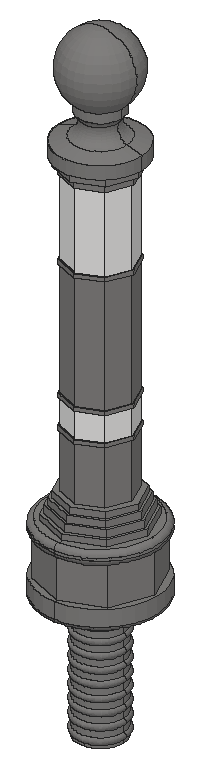
Revit family "Pilona Trajana FLEX P", category Furniture, Revit 2020
Family settings
  OmniClass Number = 23.40.20.00
  OmniClass Title = General Furniture and Specialties
  Work Plane-Based = No
  Always vertical = Yes
  Cut with Voids When Loaded = No
  Shared = No
  Room Calculation Point = No
Parameters (values of type "Pilona Trajana FLEX P-H410P-130mm")
  URL Producto = "https://www.benito.com/es/mobiliario-urbano/pilonas-semiflexibles/trajana-flex-p--H410P.html"
  Type Comments = "Con dos bandas reflectantes en la parte superior e inferior"
  Referencia = "H410P"
  Material = Polietilieno
  H1 = 0.200 m
  H = 1.000 m
  Ficha Tecnica = "https://www.benito.com/es/download/data-sheet-H410P"
  Fabricante = "BENITO URBAN SL"
  Description = "Pilona fabricada en polietileno de baja y alta densidad, compactado. Interior con goma reciclada de caucho"
  Default Elevation = 0.000 m
  D = 0.180 m
  C = 0.073 m
  B = 0.100 m
  A = 0.130 m
Reference planes (m)
  plane 1 "Center (Front/Back)": y = 0
  plane 2: z = 0
  plane 3 "Center (Left/Right)": x = 0
  plane 4: z = 1
  plane 5: z = 0.2
  plane 6: x = -0.05
  plane 7: x = 0.05
  plane 8: x = -0.0365
  plane 9: x = 0.0365
  plane 10: x = -0.09
  plane 11: x = 0.09
Forms (m)
  Revolve 1, solid, material "FLEX p"
    sketch origin (0, 0, 0) x (1, 0, 0) y (0, 0, 1)
      loop
        line (0, 0.2) -> (-0.0365, 0.2) -> (-0.0365, 0.18)
        arc (-0.0365, 0.18) -> (-0.039529, 0.175) -> (-0.0365, 0.17) r 0.005642
        line (-0.0365, 0.17) -> (-0.0365, 0.16)
        arc (-0.0365, 0.16) -> (-0.039529, 0.155) -> (-0.0365, 0.15) r 0.005642
        line (-0.0365, 0.15) -> (-0.0365, 0.14)
        arc (-0.0365, 0.14) -> (-0.039529, 0.135) -> (-0.0365, 0.13) r 0.005642
        line (-0.0365, 0.13) -> (-0.0365, 0.12)
        arc (-0.0365, 0.12) -> (-0.039529, 0.115) -> (-0.0365, 0.11) r 0.005642
        line (-0.0365, 0.11) -> (-0.0365, 0.1)
        arc (-0.0365, 0.1) -> (-0.039529, 0.095) -> (-0.0365, 0.09) r 0.005642
        line (-0.0365, 0.09) -> (-0.0365, 0.08)
        arc (-0.0365, 0.08) -> (-0.039529, 0.075) -> (-0.0365, 0.07) r 0.005642
        line (-0.0365, 0.07) -> (-0.0365, 0.06)
        arc (-0.0365, 0.06) -> (-0.039529, 0.055) -> (-0.0365, 0.05) r 0.005642
        line (-0.0365, 0.05) -> (-0.0365, 0.04)
        arc (-0.0365, 0.04) -> (-0.039529, 0.035) -> (-0.0365, 0.03) r 0.005642
        line (-0.0365, 0.03) -> (-0.0365, 0.02)
        arc (-0.0365, 0.02) -> (-0.039529, 0.015) -> (-0.0365, 0.01) r 0.005642
        line (-0.0365, 0.01) -> (-0.0365, 0.005) -> (-0.0265, 0.005) -> (-0.0265, 0) -> (0, 0) -> (0, 0.005) -> (0, 0.2)
      axis (0, 0) -> (0, 0.2)
    angle from 0 to 360
  Revolve 2, solid, material "FLEX p"
    sketch origin (0, 0, 0) x (0, 1, 0) y (0, 0, 1)
      loop
        line (0, 0.31) -> (0, 0.29) -> (0.082, 0.29)
        arc (0.082, 0.29) -> (0.087657, 0.292343) -> (0.09, 0.298) r 0.008
        line (0.09, 0.298) -> (0.09, 0.302)
        arc (0.09, 0.302) -> (0.087657, 0.307657) -> (0.082, 0.31) r 0.008
        line (0.082, 0.31) -> (0, 0.31)
      loop
        line (0, 0.23) -> (0, 0.2) -> (0.085, 0.2)
        arc (0.085, 0.2) -> (0.088536, 0.201464) -> (0.09, 0.205) r 0.005
        line (0.09, 0.205) -> (0.09, 0.23) -> (0, 0.23)
      axis (0, 0.2) -> (0, 0.31)
    angle from 0 to 360
  Extrusion 3, solid, material "FLEX p"
    sketch origin (0, 0, 0) x (1, 0, 0) y (0, 1, 0)
      loop
        line (0, 0.085) -> (-0.060104, 0.060104) -> (-0.085, 0) -> (-0.060104, -0.060104) -> (0, -0.085) -> (0.060104, -0.060104) -> (0.085, 0) -> (0.060104, 0.060104) -> (0, 0.085)
    from 0.23 to 0.290201
  Extrusion 4, solid, material "FLEX p"
    sketch origin (0, 0, 0) x (1, 0, 0) y (0, 1, 0)
      loop
        line (0, 0.075) -> (-0.053033, 0.053033) -> (-0.075, 0) -> (-0.053033, -0.053033) -> (0, -0.075) -> (0.053033, -0.053033) -> (0.075, 0) -> (0.053033, 0.053033) -> (0, 0.075)
    from 0.31 to 0.319453
  Extrusion 5, solid, material "FLEX p"
    sketch origin (0, 0, 0) x (1, 0, 0) y (0, 1, 0)
      loop
        line (0, 0.07) -> (-0.049497, 0.049497) -> (-0.07, 0) -> (-0.049497, -0.049497) -> (0, -0.07) -> (0.049497, -0.049497) -> (0.07, 0) -> (0.049497, 0.049497) -> (0, 0.07)
    from 0.319453 to 0.330581
  Extrusion 6, solid, material "FLEX p"
    sketch origin (0, 0, 0) x (1, 0, 0) y (0, 1, 0)
      loop
        line (0, 0.065) -> (-0.045962, 0.045962) -> (-0.065, 0) -> (-0.045962, -0.045962) -> (0, -0.065) -> (0.045962, -0.045962) -> (0.065, 0) -> (0.045962, 0.045962) -> (0, 0.065)
    from 0.330581 to 0.340877
  Extrusion 7, solid, material "FLEX p"
    sketch origin (0, 0, 0) x (1, 0, 0) y (0, 1, 0)
      loop
        line (0, 0.06) -> (-0.042426, 0.042426) -> (-0.06, 0) -> (-0.042426, -0.042426) -> (0, -0.06) -> (0.042426, -0.042426) -> (0.06, 0) -> (0.042426, 0.042426) -> (0, 0.06)
    from 0.340877 to 0.35
  Extrusion 8, solid, material "FLEX p"
    sketch origin (0, 0, 0) x (1, 0, 0) y (0, 1, 0)
      loop
        line (0.05, 0) -> (0.035355, 0.035355) -> (0, 0.05) -> (-0.035355, 0.035355) -> (-0.05, 0) -> (-0.035355, -0.035355) -> (0, -0.05) -> (0.035355, -0.035355) -> (0.05, 0)
    from 0.35 to 0.436228
  Extrusion 9, solid, material "FLEX W"
    sketch origin (0, 0, 0.239571) x (1, 0, 0) y (0, 1, 0)
      loop
        line (0.05, 0) -> (0.035355, 0.035355) -> (0, 0.05) -> (-0.035355, 0.035355) -> (-0.05, 0) -> (-0.035355, -0.035355) -> (0, -0.05) -> (0.035355, -0.035355) -> (0.05, 0)
    from 0.435822 to 0.556207
  Extrusion 10, solid, material "FLEX p"
    sketch origin (0, 0, 0.025058) x (1, 0, 0) y (0, 1, 0)
      loop
        line (0.052926, 0) -> (0.037424, 0.037424) -> (0, 0.052926) -> (-0.037424, 0.037424) -> (-0.052926, 0) -> (-0.037424, -0.037424) -> (0, -0.052926) -> (0.037424, -0.037424) -> (0.052926, 0)
      loop
        line (0.05, 0) -> (0.035355, 0.035355) -> (0, 0.05) -> (-0.035355, 0.035355) -> (-0.05, 0) -> (-0.035355, -0.035355) -> (0, -0.05) -> (0.035355, -0.035355) -> (0.05, 0)
    from 0.457027 to 0.462885
  Extrusion 11, solid, material "FLEX p"
    sketch origin (0, 0, -0.020799) x (1, 0, 0) y (0, 1, 0)
      loop
        line (0.052926, 0) -> (0.037424, 0.037424) -> (0, 0.052926) -> (-0.037424, 0.037424) -> (-0.052926, 0) -> (-0.037424, -0.037424) -> (0, -0.052926) -> (0.037424, -0.037424) -> (0.052926, 0)
      loop
        line (0.05, 0) -> (0.035355, 0.035355) -> (0, 0.05) -> (-0.035355, 0.035355) -> (-0.05, 0) -> (-0.035355, -0.035355) -> (0, -0.05) -> (0.035355, -0.035355) -> (0.05, 0)
    from 0.457027 to 0.462885
  Extrusion 12, solid, material "FLEX W"
    sketch origin (0, 0, -0.020799) x (1, 0, 0) y (0, 1, 0)
      loop
        line (0.05, 0) -> (0.035355, 0.035355) -> (0, 0.05) -> (-0.035355, 0.035355) -> (-0.05, 0) -> (-0.035355, -0.035355) -> (0, -0.05) -> (0.035355, -0.035355) -> (0.05, 0)
    from 0.462885 to 0.502885
  Extrusion 13, solid, material "FLEX p"
    sketch origin (0, 0, -0.020799) x (1, 0, 0) y (0, 1, 0)
      loop
        line (0.05, 0) -> (0.035355, 0.035355) -> (0, 0.05) -> (-0.035355, 0.035355) -> (-0.05, 0) -> (-0.035355, -0.035355) -> (0, -0.05) -> (0.035355, -0.035355) -> (0.05, 0)
    from 0.502885 to 0.696193
  Extrusion 14, solid, material "FLEX p"
    sketch origin (0, 0, 0.212509) x (1, 0, 0) y (0, 1, 0)
      loop
        line (0.052926, 0) -> (0.037424, 0.037424) -> (0, 0.052926) -> (-0.037424, 0.037424) -> (-0.052926, 0) -> (-0.037424, -0.037424) -> (0, -0.052926) -> (0.037424, -0.037424) -> (0.052926, 0)
      loop
        line (0.05, 0) -> (0.035355, 0.035355) -> (0, 0.05) -> (-0.035355, 0.035355) -> (-0.05, 0) -> (-0.035355, -0.035355) -> (0, -0.05) -> (0.035355, -0.035355) -> (0.05, 0)
    from 0.457027 to 0.462885
  Extrusion 15, solid, material "FLEX p"
    sketch origin (0, 0, 0.42) x (1, 0, 0) y (0, 1, 0)
      loop
        line (0, 0.06) -> (-0.042426, 0.042426) -> (-0.06, 0) -> (-0.042426, -0.042426) -> (0, -0.06) -> (0.042426, -0.042426) -> (0.06, 0) -> (0.042426, 0.042426) -> (0, 0.06)
    from 0.387941 to 0.4
  Revolve 16, solid, material "FLEX p"
    sketch origin (0, 0, 0) x (1, 0, 0) y (0, 0, 1)
      loop
        line (0, 0.84) -> (-0.065, 0.84) -> (-0.065, 0.82) -> (0, 0.82) -> (0, 0.84)
      axis (0, 0.82) -> (0, 0.84)
    angle from 0 to 360
  Extrusion 17, solid, material "FLEX p"
    sketch origin (0, 0, 0.332509) x (1, 0, 0) y (0, 1, 0)
      loop
        line (0.052926, 0) -> (0.037424, 0.037424) -> (0, 0.052926) -> (-0.037424, 0.037424) -> (-0.052926, 0) -> (-0.037424, -0.037424) -> (0, -0.052926) -> (0.037424, -0.037424) -> (0.052926, 0)
      loop
        line (0.05, 0) -> (0.035355, 0.035355) -> (0, 0.05) -> (-0.035355, 0.035355) -> (-0.05, 0) -> (-0.035355, -0.035355) -> (0, -0.05) -> (0.035355, -0.035355) -> (0.05, 0)
    from 0.463269 to 0.475432
  Revolve 18, solid, material "FLEX p"
    sketch origin (0, 0, 0) x (1, 0, 0) y (0, 0, 1)
      loop
        arc (0, 1) -> (-0.054593, 0.96055) -> (-0.034276, 0.896333) r 0.0575
        line (-0.034276, 0.896333) -> (-0.034276, 0.881854)
        arc (-0.034276, 0.881854) -> (-0.031054, 0.878245) -> (-0.028694, 0.874022) r 0.022136
        arc (-0.028694, 0.874022) -> (-0.029018, 0.857714) -> (-0.041379, 0.847071) r 0.02
        line (-0.041379, 0.847071) -> (-0.065, 0.84) -> (0, 0.84) -> (0, 1)
      axis (0, 0.84) -> (0, 1)
    angle from 0 to 360
Dimensions and locks (m)
  Revolve 1 to level = 0.200 m
  plane 4 to level = 1.000 m
  plane 7 to plane 6 = 0.100 m
  plane 9 to plane 8 = 0.073 m
  plane 10 to plane 11 = 0.180 m
  aligned and locked: level to plane 2
